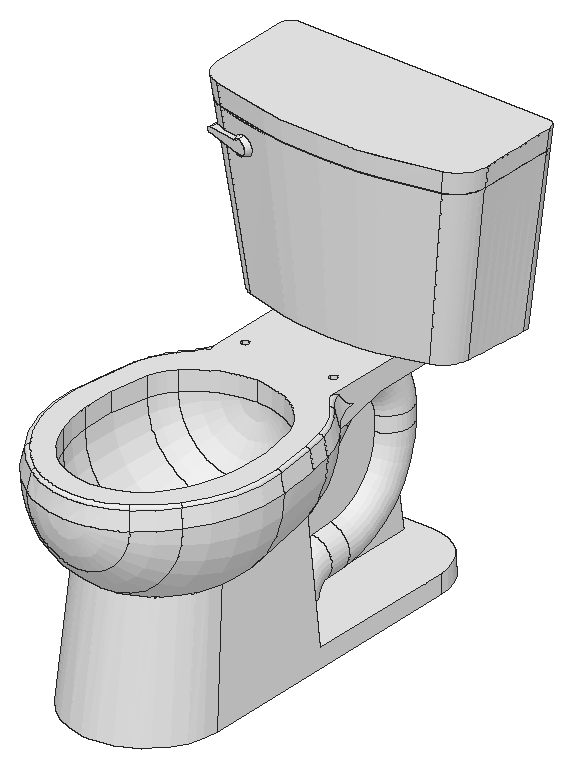
Revit family "Toilet-Floor_Mount-Sloan-WETS-8009_Series", category Plumbing Fixtures, Revit 2014
Parameters (values of type "WETS-8009.8010")
  Width = 18 1/8"
  Waste Connection Radius = 1 1/16"
  Waste Connection Diameter = Waste Connection Radius * 2  # 2 1/8"
  Waste Connection = yes
  WFU = 10
  Vent Connection = no
  URL = "https://www.sloan.com"
  Spud Location = "Top Spud"
  Right Handle = no
  Product Page URL = ""
  Price = "Prices may vary. Please consult Manufacturer Representative for most up-to-date price list."  # constant formula
  Mounting = "Floor Mount"
  Model = "WETS-8009.8010"
  Material = "Vitreous China-Sloan-White"
  Manufacturer = "Sloan"
  Length = 30 3/8"
  Left Handle = yes
  Height = 28 1/8"
  HWFU = 0
  HW Connection = no
  Glaze = "Conventional"
  Flush Volume(s)/Flow Rate(s) = "1.28 gpf/4.8 Lpf"
  Fixture Color = "White"
  Description = "Standard floor mounted elongated pressure assist toilet"  # constant formula
  Default Elevation = 0"
  Creation Date = "4/27/2018"  # constant formula
  Cold Water Connection Radius = 1/4"
  Cold Water Connection Diameter = Cold Water Connection Radius * 2  # 1/2"
  CWFU = 10
  CW Connection = yes
  Assembly Code = "D2010110"
  ADA Compliant = no
Types (12): name | Right Handle | Model | Left Handle | Glaze | Flush Volume(s)/Flow Rate(s)
  WETS-8009.8016 | no | "WETS-8009.8016" | yes | "Conventional" | "1.0 gpf/3.8 Lpf"
  WETS-8009.8010 | no | "WETS-8009.8010" | yes | "Conventional" | "1.28 gpf/4.8 Lpf"
  WETS-8009.8013 | no | "WETS-8009.8013" | yes | "Conventional" | "1.6 gpf/6.0 Lpf"
  WETS-8009.8116 | yes | "WETS-8009.8116" | no | "Conventional" | "1.0 gpf/3.8 Lpf"
  WETS-8009.8110 | yes | "WETS-8009.8110" | no | "Conventional" | "1.28 gpf/4.8 Lpf"
  WETS-8009.8113 | yes | "WETS-8009.8113" | no | "Conventional" | "1.6 gpf/6.0 Lpf"
  WETS-8009.8010-STG | no | "WETS-8009.8010-STG" | yes | "SloanTec" | "1.28 gpf/4.8 Lpf"
  WETS-8009.8013-STG | no | "WETS-8009.8013" | yes | "SloanTec" | "1.6 gpf/6.0 Lpf"
  WETS-8009.8016-STG | no | "WETS-8009.8016-STG" | yes | "SloanTec" | "1.0 gpf/3.8 Lpf"
  WETS-8009.8113-STG | yes | "WETS-8009.8113-STG" | no | "SloanTec" | "1.6 gpf/6.0 Lpf"
  WETS-8009.8116-STG | yes | "WETS-8009.8116-STG" | no | "SloanTec" | "1.0 gpf/3.8 Lpf"
  WETS-8009.8110-STG | yes | "WETS-8009.8110-STG" | no | "SloanTec" | "1.28 gpf/4.8 Lpf"
Reference planes
  plane 1 "Center (Front/Back)": y = 0
  plane 2: z = 0
  plane 3 "Center (Left/Right)": x = 0
  plane 4: x = -201.612
  plane 5: x = 201.613
  plane 6: z = 714.375
  plane 7: z = 254
  plane 8: y = -19.05
  plane 9: y = -790.575
  plane 10: z = 393.7
  plane 11: y = -307.975
  plane 12: y = -304.8
  plane 13: y = -739.775
  plane 14: x = -231.775
  plane 15: x = 231.775
  plane 16: x = -187.325
  plane 17: x = 187.325
  plane 18: y = -762.786
  plane 19: y = -247.65
  plane 20: x = -104.339
  plane 21: x = 104.339
  plane 22: x = -76.2
  plane 23: x = 76.2
Forms (mm)
  Blend 1, solid, material "Vitreous China-Sloan-White"
    base sketch origin (0, 0, 0) x (1, 0, 0) y (0, 1, 0)
      loop
        arc (-34.925, -45.045) -> (-97.787, -71.084) -> (-123.825, -133.945) r 88.9
        line (-123.825, -133.945) -> (-123.825, -615.95)
        arc (-123.825, -615.95) -> (0, -739.775) -> (123.825, -615.95) r 123.825
        line (123.825, -615.95) -> (123.825, -133.945)
        arc (123.825, -133.945) -> (97.787, -71.084) -> (34.925, -45.045) r 88.9
        line (34.925, -45.045) -> (-34.925, -45.045)
    top sketch origin (0, 0, 0) x (1, 0, 0) y (0, 1, 0)
      loop
        arc (-109.537, -584.301) -> (0, -693.838) -> (109.537, -584.301) r 109.537
        line (109.537, -584.301) -> (109.537, -133.945)
        arc (109.537, -133.945) -> (83.499, -71.084) -> (20.637, -45.045) r 88.9
        line (20.637, -45.045) -> (-20.637, -45.045)
        arc (-20.637, -45.045) -> (-83.499, -71.084) -> (-109.537, -133.945) r 88.9
        line (-109.537, -133.945) -> (-109.537, -584.301)
    from 0 to 312.058
  Extrusion 2, solid, material "Vitreous China-Sloan-White", visible <- "Left Handle"
    sketch origin (0, 0, -25.4) x (0, 1, 0) y (0, 0, 1)
      loop
        line (-369.05, 348.14) -> (-241.882, 379.846) -> (-70.211, 379.846) -> (-64.931, 440.2) -> (-185.947, 440.2)
        arc (-185.947, 440.2) -> (-192.127, 425.28) -> (-207.047, 419.1) r 21.1
        line (-207.047, 419.1) -> (-369.05, 419.1) -> (-369.05, 348.14)
    from -104.047 to 104.047
  Sweep 3, solid, material "Vitreous China-Sloan-White", visible <- "Left Handle"
    path origin (0, 0, 0) x (0, 1, 0) y (0, 0, 1)
      loop
        line (-304.8, -7.584) -> (-304.8, 30.289)
        arc (-304.8, 30.289) -> (-293.174, 59.429) -> (-264.682, 72.564) r 42.333
        line (-264.682, 72.564) -> (-226.487, 74.566)
        arc (-226.487, 74.566) -> (-134.627, 116.914) -> (-97.145, 210.864) r 136.485
        line (-97.145, 210.864) -> (-97.145, 236.948)
        arc (-97.145, 236.948) -> (-144.28, 307.387) -> (-227.373, 290.682) r 76.2
        arc (-227.373, 290.682) -> (-233.15, 284.615) -> (-238.657, 278.301) r 192.236
        arc (-238.657, 278.301) -> (-334.604, 206.706) -> (-452.54, 186.145) r 257.901
    profile origin (0, -304.8, 11.352) x (0, -1, 0) y (1, 0, 0)
      loop
        circle (0, 0) r 38.1
  Extrusion 4, solid, material "Vitreous China-Sloan-White"
    sketch origin (22.443, 0, 0) x (0, 1, 0) y (0, 0, 1)
      loop
        line (-68.2, 389.4) -> (-235.377, 389.4) -> (-261.569, 382.87) -> (-496.95, 175.082) -> (-484.132, 28.575) -> (-70.397, 28.575)
        arc (-70.397, 28.575) -> (-82.455, 126.803) -> (-68.088, 224.72) r 370.607
        arc (-68.088, 224.72) -> (-59.936, 265.377) -> (-58.507, 306.818) r 254
        arc (-58.507, 306.818) -> (-61.916, 348.278) -> (-68.2, 389.4) r 598.021
    from -28.793 to -16.093
  Extrusion 5, solid, not visible
    sketch origin (0, 0.794, 0) x (1, 0, 0) y (0, 0, 1)
      loop
        circle (-152.4, 254) r 6.35
    from 0 to 0.794
  Blend 6, solid, material "Vitreous China-Sloan-White"
    base sketch origin (0, 0.822, 430.81) x (1, 0, 0) y (0, 1, 0)
      loop
        line (-196.16, -48.519) -> (-186.739, -156.202)
        arc (-186.739, -156.202) -> (-176.518, -182.59) -> (-153.766, -199.416) r 50.8
        arc (-153.766, -199.416) -> (0, -226.96) -> (153.766, -199.416) r 442.975
        arc (153.766, -199.416) -> (176.518, -182.59) -> (186.739, -156.202) r 50.8
        line (186.739, -156.202) -> (196.16, -48.519)
        arc (196.16, -48.519) -> (191.227, -33.989) -> (177.182, -27.809) r 19.05
        line (177.182, -27.809) -> (-177.182, -27.809)
        arc (-177.182, -27.809) -> (-191.227, -33.989) -> (-196.16, -48.519) r 19.05
    top sketch origin (0, 0.822, 430.81) x (1, 0, 0) y (0, 1, 0)
      loop
        arc (-212.725, -19.872) -> (-226.195, -25.451) -> (-231.775, -38.922) r 19.05
        line (-231.775, -38.922) -> (-231.775, -172.47)
        arc (-231.775, -172.47) -> (-221.507, -203.094) -> (-194.854, -221.338) r 50.8
        arc (-194.854, -221.338) -> (0, -248.472) -> (194.854, -221.338) r 713.209
        arc (194.854, -221.338) -> (221.507, -203.094) -> (231.775, -172.47) r 50.8
        line (231.775, -172.47) -> (231.775, -38.922)
        arc (231.775, -38.922) -> (226.195, -25.451) -> (212.725, -19.872) r 19.05
        line (212.725, -19.872) -> (-212.725, -19.872)
    from -37.11 to 283.565
  Extrusion 7, solid, material "Vitreous China-Sloan-White", visible <- "Left Handle"
    sketch origin (-20.292, -269.587, 900.595) x (-0.97881, 0.203994, 0.017847) y (0, 0.087156, -0.996195)
      loop
        line (127, 257.261) -> (188.747, 261.579)
        arc (188.747, 261.579) -> (192.467, 265.466) -> (188.955, 269.542) r 4.001
        line (188.955, 269.542) -> (127, 277.149) -> (127, 257.261)
    from 0 to 12.7
  Revolve 8, solid, material "Vitreous China-Sloan-White", visible <- "Left Handle"
    sketch origin (-369.854, -1316.287, 809.02) x (-0.204773, -0.975085, -0.085309) y (0, 0.087156, -0.996195)
      loop
        line (-1100.014, 265.639) -> (-1087.314, 265.639) -> (-1087.314, 277.803) -> (-1087.756, 278.482) -> (-1100.014, 282.465) -> (-1100.014, 265.639)
      axis (-1100.014, 265.639) -> (-1087.314, 265.639)
    angle from 0 to 360
  Revolve 9, solid, material "Vitreous China-Sloan-White", visible <- "Left Handle"
    sketch origin (0, -107.509, 360.362) x (1, 0, 0) y (0, 1, 0)
      loop
        line (0, -683.066) -> (0, -633.619)
        arc (0, -633.619) -> (-54.455, -620.155) -> (-96.361, -582.866) r 116.854
        arc (-96.361, -582.866) -> (-108.844, -562.27) -> (-118.928, -540.399) r 213.603
        arc (-118.928, -540.399) -> (-129.044, -507.813) -> (-134.203, -474.085) r 228.843
        arc (-134.203, -474.085) -> (-133.643, -413.542) -> (-122.68, -353.997) r 350.763
        arc (-122.68, -353.997) -> (-114.097, -332.991) -> (-100.788, -314.61) r 95.25
        arc (-100.788, -314.61) -> (-55.004, -282.028) -> (0, -270.524) r 137.251
        line (0, -270.524) -> (0, -209.239)
        arc (0, -209.239) -> (-18.194, -209.694) -> (-36.342, -211.057) r 364.157
        arc (-36.342, -211.057) -> (-122.715, -249.087) -> (-170.133, -330.684) r 152.4
        arc (-170.133, -330.684) -> (-180.229, -386.679) -> (-186.583, -443.221) r 855.912
        arc (-186.583, -443.221) -> (-178.018, -528.288) -> (-140.189, -604.962) r 240.102
        arc (-140.189, -604.962) -> (-116.352, -632.223) -> (-88.426, -655.277) r 223.457
        arc (-88.426, -655.277) -> (-46.345, -675.956) -> (0, -683.066) r 154.581
      axis (0, -209.239) -> (0, -683.066)
    angle from 0 to 180
  Extrusion 10, solid, material "Vitreous China-Sloan-White"
    sketch origin (0, -122.297, -1.685) x (1, 0, 0) y (0, 0, 1)
      loop
        arc (57.698, 221.011) -> (0.981, 212.195) -> (-56.307, 215.748) r 266.082
        line (-56.307, 215.748) -> (-39.243, 151.174)
        arc (-39.243, 151.174) -> (0, 120.954) -> (39.243, 151.174) r 40.59
        line (39.243, 151.174) -> (57.698, 221.011)
    from 346.299 to 429.496
  Blend 11, solid, material "Vitreous China-Sloan-White"
    base sketch origin (0, -108.545, 375.1) x (1, 0, 0) y (0, 0, 1)
      loop
        line (25.325, -14.42) -> (-25.325, -14.42) -> (-25.325, -20.654)
        arc (-25.325, -20.654) -> (0, -45.979) -> (25.325, -20.654) r 25.325
        line (25.325, -20.654) -> (25.325, -14.42)
    top sketch origin (0, -108.545, 375.1) x (1, 0, 0) y (0, 0, 1)
      loop
        line (46.038, -14.42) -> (-46.037, -14.42) -> (-46.037, -23.887)
        arc (-46.037, -23.887) -> (0, -69.925) -> (46.038, -23.887) r 46.037
        line (46.038, -23.887) -> (46.038, -14.42)
    from 129.035 to 108.105
  Blend 12, solid, material "Vitreous China-Sloan-White"
    base sketch origin (0, -108.545, 375.1) x (1, 0, 0) y (0, 0, 1)
      loop
        line (46.038, -14.42) -> (-46.037, -14.42) -> (-46.037, -23.887)
        arc (-46.037, -23.887) -> (0, -69.925) -> (46.038, -23.887) r 46.037
        line (46.038, -23.887) -> (46.038, -14.42)
    top sketch origin (0, -108.545, 375.1) x (1, 0, 0) y (0, 0, 1)
      loop
        line (46.038, -14.42) -> (-46.037, -14.42) -> (-46.037, -43.731)
        arc (-46.037, -43.731) -> (0, -89.769) -> (46.038, -43.731) r 46.038
        line (46.038, -43.731) -> (46.038, -14.42)
    from 108.105 to 38.1
  Sweep 13, solid, material "Vitreous China-Sloan-White"
    path origin (0, -122.297, 0) x (0, 1, 0) y (0, 0, 1)
      loop
        arc (-352.549, 201.173) -> (-327.484, 201.16) -> (-302.744, 205.182) r 155.194
        arc (-302.744, 205.182) -> (-278.132, 217.142) -> (-260.549, 238.11) r 65.532
        arc (-260.549, 238.11) -> (-246.125, 268.805) -> (-234.718, 300.744) r 352.298
        arc (-234.718, 300.744) -> (-234.446, 301.431) -> (-234.066, 302.064) r 4.499
        arc (-234.066, 302.064) -> (-210.936, 321.963) -> (-181.277, 329.121) r 65.024
        line (-181.277, 329.121) -> (-115.283, 329.121)
    profile origin (0, -270.577, 329.121) x (0, 0, 1) y (1, 0, 0)
      loop
        line (25.325, -25.325) -> (25.325, 25.325)
        arc (25.325, 25.325) -> (0, 0) -> (25.325, -25.325) r 25.325
  Sweep 14, solid, material "Vitreous China-Sloan-White", visible <- "Left Handle"
    path origin (0, 0, 0) x (1, 0, 0) y (0, 1, 0)
      loop
        line (-104.047, -185.947) -> (-104.047, -295.646)
        arc (-104.047, -295.646) -> (-111.251, -333.222) -> (-131.841, -365.47) r 101.6
        arc (-131.841, -365.47) -> (-155.982, -399.201) -> (-170.133, -438.192) r 152.4
        arc (-170.133, -438.192) -> (-174.125, -457.895) -> (-177.652, -477.686) r 855.912
        arc (-177.652, -477.686) -> (-182.903, -514.112) -> (-186.583, -550.729) r 855.912
        arc (-186.583, -550.729) -> (-178.018, -635.797) -> (-140.189, -712.47) r 240.102
        arc (-140.189, -712.47) -> (-116.352, -739.732) -> (-88.426, -762.786) r 223.457
        arc (-88.426, -762.786) -> (0, -790.575) -> (88.426, -762.786) r 154.581
        arc (88.426, -762.786) -> (116.352, -739.732) -> (140.189, -712.47) r 223.457
        arc (140.189, -712.47) -> (178.018, -635.797) -> (186.583, -550.729) r 240.102
        arc (186.583, -550.729) -> (182.903, -514.112) -> (177.652, -477.686) r 855.912
        arc (177.652, -477.686) -> (174.125, -457.895) -> (170.133, -438.192) r 855.912
        arc (170.133, -438.192) -> (155.982, -399.201) -> (131.841, -365.47) r 152.4
        arc (131.841, -365.47) -> (111.251, -333.222) -> (104.047, -295.646) r 101.6
        line (104.047, -295.646) -> (104.047, -185.947)
    profile origin (0, -790.575, 0) x (0, 1, 0) y (0, 0, 1)
      loop
        line (0, 360.362) -> (18.191, 360.362) -> (18.191, 393.7) -> (12.748, 393.7)
        arc (12.748, 393.7) -> (8.795, 392.32) -> (6.56, 388.778) r 6.35
        line (6.56, 388.778) -> (0, 360.362)
  Extrusion 15, void
    sketch origin (0, 0, 0) x (1, 0, 0) y (0, 1, 0)
      loop
        arc (118.928, -647.907) -> (129.044, -615.321) -> (134.203, -581.593) r 228.843
        arc (134.203, -581.593) -> (135.243, -552.98) -> (133.946, -524.377) r 350.763
        arc (133.946, -524.377) -> (129.747, -492.684) -> (122.68, -461.506) r 350.763
        arc (122.68, -461.506) -> (114.097, -440.499) -> (100.788, -422.119) r 95.25
        arc (100.788, -422.119) -> (55.004, -389.536) -> (0, -378.032) r 137.251
        arc (0, -378.032) -> (-55.004, -389.536) -> (-100.788, -422.119) r 137.251
        arc (-100.788, -422.119) -> (-114.097, -440.499) -> (-122.68, -461.506) r 95.25
        arc (-122.68, -461.506) -> (-129.747, -492.684) -> (-133.946, -524.377) r 350.763
        arc (-133.946, -524.377) -> (-135.243, -552.98) -> (-134.203, -581.593) r 350.763
        arc (-134.203, -581.593) -> (-129.044, -615.321) -> (-118.928, -647.907) r 228.843
        arc (-118.928, -647.907) -> (-108.844, -669.778) -> (-96.361, -690.375) r 213.603
        arc (-96.361, -690.375) -> (-54.455, -727.664) -> (0, -741.127) r 116.854
        arc (0, -741.127) -> (54.455, -727.664) -> (96.361, -690.375) r 116.854
        arc (96.361, -690.375) -> (108.844, -669.778) -> (118.928, -647.907) r 213.603
    from 360.362 to 393.7
  Extrusion 16, solid, material "Vitreous China-Sloan-White", visible <- "Left Handle"
    sketch origin (0, 0, 0) x (1, 0, 0) y (0, 1, 0)
      loop
        arc (-168.448, -552.159) -> (-160.532, -630.781) -> (-125.569, -701.646) r 221.912
        arc (-125.569, -701.646) -> (-103.673, -726.688) -> (-78.02, -747.865) r 205.266
        arc (-78.02, -747.865) -> (0, -772.384) -> (78.02, -747.865) r 136.39
        arc (78.02, -747.865) -> (103.673, -726.688) -> (125.569, -701.646) r 205.266
        arc (125.569, -701.646) -> (160.532, -630.781) -> (168.448, -552.159) r 221.912
        arc (168.448, -552.159) -> (164.847, -516.319) -> (159.708, -480.668) r 837.721
        arc (159.708, -480.668) -> (156.255, -461.297) -> (152.348, -442.013) r 837.721
        arc (152.348, -442.013) -> (139.886, -407.676) -> (118.627, -377.971) r 134.209
        arc (118.627, -377.971) -> (110.867, -368.903) -> (104.047, -359.107) r 119.791
        line (104.047, -359.107) -> (104.047, -369.05) -> (-104.047, -369.05) -> (-104.047, -359.107)
        arc (-104.047, -359.107) -> (-110.867, -368.903) -> (-118.627, -377.971) r 119.791
        arc (-118.627, -377.971) -> (-139.886, -407.676) -> (-152.348, -442.013) r 134.209
        arc (-152.348, -442.013) -> (-156.255, -461.297) -> (-159.708, -480.668) r 837.721
        arc (-159.708, -480.668) -> (-164.847, -516.319) -> (-168.448, -552.159) r 837.721
    from 360.362 to 393.7
  Extrusion 17, void
    sketch origin (0, 0, 0) x (0, 1, 0) y (0, 0, 1)
      loop
        line (-419.1, 368.114) -> (-395.566, 31.564) -> (-10.202, 31.564) -> (-10.202, 368.114) -> (-419.1, 368.114)
    from -219.74 to 304.8
  Revolve 18, void
    sketch origin (0, -107.509, 360.362) x (1, 0, 0) y (0, 1, 0)
      loop
        line (0, -639.969) -> (0, -264.174)
        arc (0, -264.174) -> (-57.549, -276.21) -> (-105.451, -310.3) r 143.601
        arc (-105.451, -310.3) -> (-119.647, -329.906) -> (-128.802, -352.313) r 101.6
        arc (-128.802, -352.313) -> (-139.964, -412.935) -> (-140.534, -474.574) r 357.113
        arc (-140.534, -474.574) -> (-135.232, -509.238) -> (-124.835, -542.728) r 235.193
        arc (-124.835, -542.728) -> (-114.451, -565.249) -> (-101.598, -586.458) r 219.953
        arc (-101.598, -586.458) -> (-57.414, -625.773) -> (0, -639.969) r 123.204
      axis (0, -264.174) -> (0, -639.969)
    angle from 0 to 180
  Extrusion 19, void
    sketch origin (0, 0, 0) x (1, 0, 0) y (0, 1, 0)
      loop
        arc (-212.725, -19.05) -> (-226.195, -24.63) -> (-231.775, -38.1) r 19.05
        line (-231.775, -38.1) -> (-231.775, -171.649)
        arc (-231.775, -171.649) -> (-221.507, -202.272) -> (-194.854, -220.516) r 50.8
        arc (-194.854, -220.516) -> (0, -247.65) -> (194.854, -220.516) r 713.209
        arc (194.854, -220.516) -> (221.507, -202.272) -> (231.775, -171.649) r 50.8
        line (231.775, -171.649) -> (231.775, -38.1)
        arc (231.775, -38.1) -> (226.195, -24.63) -> (212.725, -19.05) r 19.05
        line (212.725, -19.05) -> (-212.725, -19.05)
      loop
        line (-225.425, -38.1) -> (-225.425, -171.649)
        arc (-225.425, -171.649) -> (-216.441, -198.444) -> (-193.119, -214.408) r 44.45
        arc (-193.119, -214.408) -> (0, -241.3) -> (193.119, -214.408) r 706.859
        arc (193.119, -214.408) -> (216.441, -198.444) -> (225.425, -171.649) r 44.45
        line (225.425, -171.649) -> (225.425, -38.1)
        arc (225.425, -38.1) -> (221.705, -29.12) -> (212.725, -25.4) r 12.7
        line (212.725, -25.4) -> (-212.725, -25.4)
        arc (-212.725, -25.4) -> (-221.705, -29.12) -> (-225.425, -38.1) r 12.7
    from 678.093 to 679.681
  Extrusion 20, void
    sketch origin (0, 0, 0) x (1, 0, 0) y (0, 1, 0)
      loop
        circle (-76.2, -307.975) r 6.35
      loop
        circle (76.2, -307.975) r 6.35
    from 341.312 to 499.954
  Extrusion 21, solid, material "Vitreous China-Sloan-White", visible <- "Right Handle"
    sketch origin (20.292, -269.587, 900.595) x (0.97881, 0.203994, 0.017847) y (0, -0.087156, 0.996195)
      loop
        line (127, -257.261) -> (127, -277.149) -> (188.955, -269.542)
        arc (188.955, -269.542) -> (192.467, -265.466) -> (188.747, -261.579) r 4.001
        line (188.747, -261.579) -> (127, -257.261)
    from 0 to 12.7
  Revolve 22, solid, material "Vitreous China-Sloan-White", visible <- "Right Handle"
    sketch origin (369.854, -1316.287, 809.02) x (0.204773, -0.975085, -0.085309) y (0, -0.087156, 0.996195)
      loop
        line (-1100.014, -265.639) -> (-1100.014, -282.465) -> (-1087.756, -278.482) -> (-1087.314, -277.803) -> (-1087.314, -265.639) -> (-1100.014, -265.639)
      axis (-1100.014, -265.639) -> (-1087.314, -265.639)
    angle from 0 to 360
Cuts and joins
  Extrusion 15, Extrusion 19, Extrusion 20 cuts Extrusion 2
  Extrusion 15, Extrusion 19 cuts Sweep 3
  Extrusion 15, Extrusion 19 cuts Extrusion 7
  Extrusion 15, Extrusion 19 cuts Revolve 8
  Extrusion 15, Extrusion 19 cuts Revolve 9
  Extrusion 19 cuts Sweep 14
  Extrusion 15, Extrusion 19 cuts Extrusion 16
  joined: Extrusion 2, Sweep 3, Extrusion 7, Revolve 8, Revolve 9, Sweep 14, Extrusion 16
  Extrusion 15, Extrusion 17, Revolve 18, Extrusion 19, Extrusion 20 cuts Blend 1
  Extrusion 15, Extrusion 19 cuts Extrusion 4
  Extrusion 15 cuts Extrusion 10
  Extrusion 15 cuts Sweep 13
  Extrusion 19 cuts Blend 12
  Extrusion 19 cuts Blend 6
  joined: Extrusion 21, Revolve 22
Lines and regions (mm)
  Masking region 1
    outline origin (0, 0, 0) x (1, 0, 0) y (0, 1, 0)
      loop
        line (212.725, -19.05) -> (-212.725, -19.05)
        arc (-212.725, -19.05) -> (-226.195, -24.63) -> (-231.775, -38.1) r 19.05
        line (-231.775, -38.1) -> (-231.775, -171.649)
        arc (-231.775, -171.649) -> (-221.507, -202.272) -> (-194.854, -220.516) r 50.8
        arc (-194.854, -220.516) -> (-159.548, -229.575) -> (-123.825, -236.819) r 713.209
        line (-123.825, -236.819) -> (-123.825, -355.877)
        arc (-123.825, -355.877) -> (-127.686, -360.797) -> (-131.841, -365.47) r 101.6
        arc (-131.841, -365.47) -> (-155.982, -399.201) -> (-170.133, -438.192) r 152.4
        arc (-170.133, -438.192) -> (-174.125, -457.895) -> (-177.652, -477.686) r 855.912
        arc (-177.652, -477.686) -> (-182.903, -514.112) -> (-186.583, -550.729) r 855.912
        arc (-186.583, -550.729) -> (-178.018, -635.797) -> (-140.189, -712.47) r 240.102
        arc (-140.189, -712.47) -> (-116.352, -739.732) -> (-88.426, -762.786) r 223.457
        arc (-88.426, -762.786) -> (0, -790.575) -> (88.426, -762.786) r 154.581
        arc (88.426, -762.786) -> (116.352, -739.732) -> (140.189, -712.47) r 223.457
        arc (140.189, -712.47) -> (178.018, -635.797) -> (186.583, -550.729) r 240.102
        arc (186.583, -550.729) -> (182.903, -514.112) -> (177.652, -477.686) r 855.912
        arc (177.652, -477.686) -> (174.125, -457.895) -> (170.133, -438.192) r 855.912
        arc (170.133, -438.192) -> (155.982, -399.201) -> (131.841, -365.47) r 152.4
        arc (131.841, -365.47) -> (127.686, -360.797) -> (123.825, -355.877) r 101.6
        line (123.825, -355.877) -> (123.825, -236.819)
        arc (123.825, -236.819) -> (159.548, -229.575) -> (194.854, -220.516) r 713.209
        arc (194.854, -220.516) -> (221.507, -202.272) -> (231.775, -171.649) r 50.8
        line (231.775, -171.649) -> (231.775, -38.1)
        arc (231.775, -38.1) -> (226.195, -24.63) -> (212.725, -19.05) r 19.05
  symbolic lines, detail levels medium+fine
    curve 1: arc (-123.825, -236.819, 0) -> (0, -247.65, 0) -> (123.825, -236.819, 0) r 713.209
    curve 2: arc (-100.788, -422.119, 0) -> (-55.004, -389.536, 0) -> (0, -378.032, 0) r 137.251
    curve 3: arc (0, -378.032, 0) -> (55.004, -389.536, 0) -> (100.788, -422.119, 0) r 137.251
    curve 4: arc (100.788, -422.119, 0) -> (114.097, -440.499, 0) -> (122.68, -461.506, 0) r 95.25
    curve 5: arc (122.68, -461.506, 0) -> (129.747, -492.684, 0) -> (133.946, -524.377, 0) r 350.763
    curve 6: arc (133.946, -524.377, 0) -> (135.243, -552.98, 0) -> (134.203, -581.593, 0) r 350.763
    curve 7: arc (134.203, -581.593, 0) -> (129.044, -615.321, 0) -> (118.928, -647.907, 0) r 228.843
    curve 8: arc (118.928, -647.907, 0) -> (108.844, -669.778, 0) -> (96.361, -690.375, 0) r 213.603
    curve 9: arc (96.361, -690.375, 0) -> (54.455, -727.664, 0) -> (0, -741.127, 0) r 116.854
    curve 10: arc (0, -741.127, 0) -> (-54.455, -727.664, 0) -> (-96.361, -690.375, 0) r 116.854
    curve 11: arc (-96.361, -690.375, 0) -> (-108.844, -669.778, 0) -> (-118.928, -647.907, 0) r 213.603
    curve 12: arc (-118.928, -647.907, 0) -> (-129.044, -615.321, 0) -> (-134.203, -581.593, 0) r 228.843
    curve 13: arc (-134.203, -581.593, 0) -> (-135.243, -552.98, 0) -> (-133.946, -524.377, 0) r 350.763
    curve 14: arc (-133.946, -524.377, 0) -> (-129.747, -492.684, 0) -> (-122.68, -461.506, 0) r 350.763
    curve 15: arc (-122.68, -461.506, 0) -> (-114.097, -440.499, 0) -> (-100.788, -422.119, 0) r 95.25
  symbolic lines, detail levels fine
    curve 16: circle (-76.2, -307.975, 0) r 6.35 normal (0, 0, 1)
    curve 17: circle (76.2, -307.975, 0) r 6.35 normal (0, 0, 1)
Dimensions and locks
  "Height": plane 6 to level
  locked: plane 7 to level at 254
  plane 1 "Center (Front/Back)" to plane 8 = 3/4"
  plane 10 to plane 2 = 15 1/2"
  plane 11 to plane 9 = 19"
  plane 1 "Center (Front/Back)" to plane 12 = 12"
  plane 12 to plane 13 = 17 1/8"
  plane 9 to plane 8 to plane 1 "Center (Front/Back)" = 30 3/8", 3/4"
  plane 15 to plane 14 = 18 1/4"
  plane 17 to plane 16 = 14 3/4"
  Extrusion 17 to level = 14.49266"
  plane 8 to plane 19 = 9"
  plane 9 to plane 11 = 19"
  plane 22 to plane 23 = 6"
  "Height": plane 6 to plane 2
  aligned and locked: plane 7 to Extrusion 5 sketch curve
Automatic sketch dimensions
  Blend 1 sketch curve to plane 3 "Center (Left/Right)" = 0"  (x2)
  Blend 1 sketch curve to plane 3 "Center (Left/Right)" = 1 3/8"
  Blend 1 sketch curve to plane 20 = 0.76716"
  plane 3 "Center (Left/Right)" to Blend 1 sketch curve = 1 3/8"
  Blend 1 sketch curve to plane 13 = 4 7/8"
  Blend 1 sketch curve to plane 19 = 4 61/128"  (x2)
  Blend 1 sketch curve to plane 3 "Center (Left/Right)" = 13/16"
  Blend 1 sketch curve to plane 20 = 0.20466"
  plane 3 "Center (Left/Right)" to Blend 1 sketch curve = 13/16"
  Blend 1 sketch curve to plane 13 = 6.12103"
  Extrusion 2 sketch curve to plane 10 = 0"
  plane 11 to Extrusion 2 sketch curve = 2.40453"
  Extrusion 2 sketch curve to plane 19 = 0.22708"
  Extrusion 2 sketch curve to plane 19 = 1.59853"
  plane 10 to Extrusion 2 sketch curve = 0.83072"
  plane 8 to Extrusion 2 sketch curve = 2.01421"
  plane 8 to Extrusion 2 sketch curve = 1.80632"
  Extrusion 2 sketch curve to plane 10 = 1.54541"
  Extrusion 2 sketch curve to plane 7 = 2.7063"
  Sweep 3 sketch curve to plane 12 = 0"
  plane 10 to Sweep 3 sketch curve = 1.96286"
  plane 11 to Sweep 3 sketch curve = 5.06618"
  plane 19 to Sweep 3 sketch curve = 0.67056"
  plane 19 to Sweep 3 sketch curve = 0.58333"
  Sweep 3 sketch curve to plane 19 = 0.55198"
  Sweep 3 sketch curve to plane 19 = 0.8332"
  plane 7 to Sweep 3 sketch curve = 0.67135"
  Sweep 3 sketch curve to Sweep 3 sketch curve = 2.37343"
  Sweep 3 sketch curve to Sweep 3 sketch curve = 3"
  Sweep 3 sketch curve to Sweep 3 sketch curve = 0.23912"
  Sweep 3 sketch curve to Sweep 3 sketch curve = 1.02691"
  Sweep 3 sketch curve to Sweep 3 sketch curve = 2.19457"
  Sweep 3 sketch curve to Sweep 3 sketch curve = 0.07881"
  plane 7 to Sweep 3 sketch curve = 2.67144"
  plane 11 to Sweep 3 sketch curve = 5.69153"
  Sweep 3 sketch curve to Sweep 3 sketch curve = 0"
  Sweep 3 sketch curve to level = 0.29859"
  Sweep 3 sketch curve to plane 3 "Center (Left/Right)" = 0"
  Sweep 3 sketch curve to profile plane = 0"
  Extrusion 4 sketch curve to plane 7 = 0.9672"
  Extrusion 4 sketch curve to plane 13 = 3.30371"
  plane 7 to Extrusion 4 sketch curve = 3.107"
  Extrusion 4 sketch curve to Extrusion 4 sketch curve = 6.25633"
  level to Extrusion 4 sketch curve = 1 1/8"
  Extrusion 4 sketch curve to Extrusion 4 sketch curve = 0.50463"
  plane 11 to Extrusion 4 sketch curve = 0.16726"
  Extrusion 4 sketch curve to plane 12 = 1.70202"
  Extrusion 4 sketch curve to plane 10 = 0.16928"
  Extrusion 4 sketch curve to plane 19 = 0.48319"
  plane 8 to Extrusion 4 sketch curve = 2.02153"
  plane 8 to Extrusion 4 sketch curve = 1.93503"
  level to Extrusion 4 sketch curve = 4.8205"
  Extrusion 4 sketch curve to plane 1 "Center (Front/Back)" = 11.34356"
  Extrusion 4 sketch curve to plane 7 = 1.60704"
  Extrusion 4 sketch curve to plane 10 = 0.42638"
  Extrusion 4 sketch curve to Extrusion 4 sketch curve = 0"
  plane 16 to Extrusion 5 sketch curve = 1 3/8"
  Revolve 8 sketch curve to Revolve 8 sketch curve = 0.48262"
  Revolve 8 sketch curve to Revolve 8 sketch curve = 1/2"
  Revolve 8 sketch curve to Revolve 8 sketch curve = 0.47889"
  Revolve 8 sketch curve to Revolve 8 sketch curve = 0.02676"
  Revolve 8 sketch curve to Revolve 8 sketch curve = 0.15681"
  Revolve 8 sketch curve to Revolve 8 sketch curve = 0"  (x2)
  Revolve 8 sketch curve to Revolve 8 sketch curve = 0.11261"
  Revolve 9 sketch curve to plane 3 "Center (Left/Right)" = 0"  (x3)
  plane 9 to Revolve 9 sketch curve = 0"
  Revolve 9 sketch curve to plane 3 "Center (Left/Right)" = 213/256"
  Revolve 9 sketch curve to Revolve 9 sketch curve = 0.38226"
  plane 3 "Center (Left/Right)" to Revolve 9 sketch curve = 1.55117"
  Revolve 9 sketch curve to Revolve 9 sketch curve = 0.52667"
  plane 21 to Revolve 9 sketch curve = 0.96684"
  plane 21 to Revolve 9 sketch curve = 0.40868"
  plane 15 to Revolve 9 sketch curve = 0.64012"
  Revolve 9 sketch curve to plane 13 = 4.79501"
  Revolve 9 sketch curve to plane 15 = 17.12237"
  plane 13 to Revolve 9 sketch curve = 0.05324"
  Revolve 9 sketch curve to plane 13 = 2.31773"
  Revolve 9 sketch curve to Revolve 9 sketch curve = 1.76813"
  Revolve 9 sketch curve to Revolve 9 sketch curve = 0.46147"
  Revolve 9 sketch curve to Revolve 9 sketch curve = 1.76271"
  Revolve 9 sketch curve to Revolve 9 sketch curve = 0.38996"
  Revolve 9 sketch curve to Revolve 9 sketch curve = 0.002"
  Revolve 9 sketch curve to Revolve 9 sketch curve = 0.22012"
  Revolve 9 sketch curve to Revolve 9 sketch curve = 0.37"
  Revolve 9 sketch curve to Revolve 9 sketch curve = 2.52823"
  Revolve 9 sketch curve to Revolve 9 sketch curve = 1.12242"
  Revolve 9 sketch curve to Revolve 9 sketch curve = 0.65231"
  plane 11 to Revolve 9 sketch curve = 2.75817"
  plane 11 to Revolve 9 sketch curve = 0.34538"
  Revolve 9 sketch curve to Revolve 9 sketch curve = 0"  (x8)
  plane 11 to Revolve 9 sketch curve = 0.16149"
  Revolve 9 sketch curve to plane 12 = 0.21351"
  Extrusion 10 sketch curve to plane 3 "Center (Left/Right)" = 0"
  Extrusion 10 sketch curve to plane 3 "Center (Left/Right)" = 0.44447"
  Extrusion 10 sketch curve to plane 3 "Center (Left/Right)" = 1.545"
  plane 20 to Extrusion 10 sketch curve = 1.89103"
  plane 3 "Center (Left/Right)" to Extrusion 10 sketch curve = 1.545"
  plane 21 to Extrusion 10 sketch curve = 1.83627"
  plane 7 to Extrusion 10 sketch curve = 4.11461"
  Extrusion 10 sketch curve to Extrusion 10 sketch curve = 0.40828"
  plane 7 to Extrusion 10 sketch curve = 1.57234"
  Extrusion 10 sketch curve to Extrusion 10 sketch curve = 2.74948"
  Blend 11 sketch curve to plane 3 "Center (Left/Right)" = 0"  (x2)
  Blend 11 sketch curve to plane 3 "Center (Left/Right)" = 0.99706"
  Blend 11 sketch curve to plane 10 = 1.54541"
  Blend 11 sketch curve to Blend 11 sketch curve = 0.24541"
  Blend 11 sketch curve to plane 3 "Center (Left/Right)" = 1 13/16"
  Blend 11 sketch curve to plane 10 = 1.67271"
  Blend 11 sketch curve to Blend 11 sketch curve = 0.37271"
  Blend 12 sketch curve to plane 3 "Center (Left/Right)" = 0"  (x2)
  Blend 12 sketch curve to plane 3 "Center (Left/Right)" = 1 13/16"  (x2)
  Blend 12 sketch curve to plane 10 = 1.67271"
  Blend 12 sketch curve to Blend 12 sketch curve = 0.37271"
  Blend 12 sketch curve to plane 10 = 2.45396"
  Blend 12 sketch curve to Blend 12 sketch curve = 1.15396"
  plane 10 to Sweep 13 sketch curve = 0.37098"
  Sweep 13 sketch curve to plane 13 = 1.79785"
  Sweep 13 sketch curve to plane 10 = 1.49"
  plane 11 to Sweep 13 sketch curve = 6.07313"
  Sweep 13 sketch curve to plane 7 = 0.58286"
  Sweep 13 sketch curve to Sweep 13 sketch curve = 0.84594"
  plane 11 to Sweep 13 sketch curve = 1.76123"
  Sweep 13 sketch curve to plane 12 = 0.04826"
  Sweep 13 sketch curve to plane 7 = 0.39753"
  Sweep 13 sketch curve to plane 7 = 1.78883"
  Sweep 13 sketch curve to Sweep 13 sketch curve = 1.1687"
  Sweep 13 sketch curve to Sweep 13 sketch curve = 1.34254"
  plane 7 to Sweep 13 sketch curve = 1.92196"
  Sweep 13 sketch curve to Sweep 13 sketch curve = 0"  (x3)
  Sweep 13 sketch curve to plane 19 = 0.39646"
  Sweep 13 sketch curve to profile plane = 0"
  Sweep 13 sketch curve to profile plane = 0.99706"  (x2)
  Sweep 14 sketch curve to Sweep 14 sketch curve = 0"  (x11)
  Sweep 14 sketch curve to plane 18 = 0"  (x4)
  Sweep 14 sketch curve to plane 3 "Center (Left/Right)" = 0"
  Sweep 14 sketch curve to plane 3 "Center (Left/Right)" = 213/256"
  Sweep 14 sketch curve to plane 3 "Center (Left/Right)" = 1.55117"
  Sweep 14 sketch curve to Sweep 14 sketch curve = 0.52667"  (x2)
  plane 20 to Sweep 14 sketch curve = 0.01151"
  Sweep 14 sketch curve to plane 12 = 0.36038"  (x2)
  Sweep 14 sketch curve to plane 16 = 0.72134"
  Sweep 14 sketch curve to plane 13 = 4.79501"  (x2)
  Sweep 14 sketch curve to plane 14 = 17.12237"
  plane 3 "Center (Left/Right)" to Sweep 14 sketch curve = 213/256"
  plane 3 "Center (Left/Right)" to Sweep 14 sketch curve = 1.55117"
  plane 21 to Sweep 14 sketch curve = 0.01151"
  Sweep 14 sketch curve to plane 17 = 0.72134"
  Sweep 14 sketch curve to plane 15 = 17.12237"
  Sweep 14 sketch curve to plane 13 = 4.08586"
  Sweep 14 sketch curve to Sweep 14 sketch curve = 2.22418"
  Sweep 14 sketch curve to Sweep 14 sketch curve = 0.38996"  (x2)
  Sweep 14 sketch curve to Sweep 14 sketch curve = 3.913"
  plane 16 to Sweep 14 sketch curve = 0.38081"
  plane 17 to Sweep 14 sketch curve = 0.38081"
  Sweep 14 sketch curve to plane 19 = 2.42925"  (x2)
  Sweep 14 sketch curve to profile plane = 0"
  Sweep 14 sketch curve to profile plane = 0.25828"
  Sweep 14 sketch curve to Sweep 14 sketch curve = 0.24359"
  Sweep 14 sketch curve to profile plane = 0.71616"
  level to Sweep 14 sketch curve = 14 3/16"
  Sweep 14 sketch curve to Sweep 14 sketch curve = 1 1/16"
  Sweep 14 sketch curve to Sweep 14 sketch curve = 0.05624"
  Extrusion 15 sketch curve to Extrusion 15 sketch curve = 0"  (x16)
  Extrusion 15 sketch curve to plane 3 "Center (Left/Right)" = 0"  (x2)
  Extrusion 15 sketch curve to plane 3 "Center (Left/Right)" = 1.21427"
  plane 20 to Extrusion 15 sketch curve = 0.96684"
  plane 20 to Extrusion 15 sketch curve = 0.40868"
  plane 14 to Extrusion 15 sketch curve = 0.64012"
  plane 3 "Center (Left/Right)" to Extrusion 15 sketch curve = 1.21427"
  plane 21 to Extrusion 15 sketch curve = 0.96684"
  plane 21 to Extrusion 15 sketch curve = 0.40868"
  plane 15 to Extrusion 15 sketch curve = 0.64012"
  Extrusion 15 sketch curve to plane 13 = 4.54732"
  Extrusion 15 sketch curve to Extrusion 15 sketch curve = 2.15467"  (x2)
  Extrusion 15 sketch curve to Extrusion 15 sketch curve = 0.22012"  (x2)
  Extrusion 15 sketch curve to Extrusion 15 sketch curve = 0.37"  (x2)
  Extrusion 15 sketch curve to Extrusion 15 sketch curve = 2.13627"
  Extrusion 15 sketch curve to Extrusion 15 sketch curve = 1.12242"  (x2)
  plane 20 to Extrusion 15 sketch curve = 0.3141"
  plane 20 to Extrusion 15 sketch curve = 0.13982"
  Extrusion 15 sketch curve to plane 20 = 1.16563"
  Extrusion 15 sketch curve to plane 21 = 1.16563"
  Extrusion 16 sketch curve to Extrusion 16 sketch curve = 0"  (x13)
  Extrusion 16 sketch curve to plane 3 "Center (Left/Right)" = 0"
  Extrusion 16 sketch curve to plane 3 "Center (Left/Right)" = 213/256"
  Extrusion 16 sketch curve to plane 3 "Center (Left/Right)" = 1.55117"
  Extrusion 16 sketch curve to Extrusion 16 sketch curve = 0.52667"  (x2)
  plane 20 to Extrusion 16 sketch curve = 0.01151"
  Extrusion 16 sketch curve to plane 12 = 0.36038"  (x2)
  Extrusion 16 sketch curve to plane 16 = 0.72134"
  Extrusion 16 sketch curve to plane 13 = 4.79501"  (x2)
  Extrusion 16 sketch curve to plane 14 = 17.12237"
  plane 3 "Center (Left/Right)" to Extrusion 16 sketch curve = 213/256"
  plane 3 "Center (Left/Right)" to Extrusion 16 sketch curve = 1.55117"
  plane 21 to Extrusion 16 sketch curve = 0.01151"
  Extrusion 16 sketch curve to plane 17 = 0.72134"
  Extrusion 16 sketch curve to plane 15 = 17.12237"
  Extrusion 16 sketch curve to plane 13 = 4.08586"
  Extrusion 16 sketch curve to Extrusion 16 sketch curve = 2.22418"  (x2)
  Extrusion 16 sketch curve to Extrusion 16 sketch curve = 0.38996"  (x2)
  Extrusion 16 sketch curve to Extrusion 16 sketch curve = 3.913"
  plane 11 to Extrusion 16 sketch curve = 2.40453"
  Extrusion 16 sketch curve to Extrusion 16 sketch curve = 0.39147"  (x2)
  plane 13 to Extrusion 16 sketch curve = 0.31852"
  plane 16 to Extrusion 16 sketch curve = 1.08729"
  plane 17 to Extrusion 16 sketch curve = 1.08729"
  Extrusion 17 sketch curve to plane 10 = 1.00734"
  plane 11 to Extrusion 17 sketch curve = 4 3/8"
  level to Extrusion 17 sketch curve = 1.24266"
  plane 11 to Extrusion 17 sketch curve = 3.44847"
  Extrusion 17 sketch curve to plane 8 = 0.34835"
  plane 11 to Revolve 18 sketch curve = 2.50817"
  plane 11 to Revolve 18 sketch curve = 0.16149"
  Revolve 18 sketch curve to plane 12 = 0.21351"
  plane 11 to Revolve 18 sketch curve = 7.03931"
  plane 15 to Revolve 18 sketch curve = 10.33927"
  Revolve 18 sketch curve to Revolve 18 sketch curve = 1.21427"
  Revolve 18 sketch curve to Revolve 18 sketch curve = 3.141"
  Revolve 18 sketch curve to Revolve 18 sketch curve = 0.55817"
  Revolve 18 sketch curve to Revolve 18 sketch curve = 4.78572"
  Revolve 18 sketch curve to Revolve 18 sketch curve = 1.12242"
  Revolve 18 sketch curve to Revolve 18 sketch curve = 1.54616"
  Revolve 18 sketch curve to Revolve 18 sketch curve = 1.91616"
  Revolve 18 sketch curve to Revolve 18 sketch curve = 0.22012"
  Revolve 18 sketch curve to Revolve 18 sketch curve = 2.15467"
  plane 13 to Revolve 18 sketch curve = 0.30324"
  Revolve 18 sketch curve to Revolve 18 sketch curve = 0"  (x5)
  Extrusion 7 sketch curve to Extrusion 7 sketch curve = 2.41998"
  Extrusion 7 sketch curve to Extrusion 7 sketch curve = 0.01099"
  Extrusion 7 sketch curve to Extrusion 7 sketch curve = 0.0192"
  Extrusion 7 sketch curve to Extrusion 7 sketch curve = 0.16999"
  Extrusion 7 sketch curve to Extrusion 7 sketch curve = 0.15715"
  Extrusion 7 sketch curve to Extrusion 7 sketch curve = 0.78299"
  plane 11 to Extrusion 20 sketch curve = 0"  (x2)
  Extrusion 20 sketch curve to plane 22 = 0"
  Extrusion 20 sketch curve to plane 23 = 0"
  curve 2 to curve 3 = 0"  (x2)
  curve 5 to curve 6 = 0"  (x2)
  curve 9 to curve 10 = 0"  (x2)
  curve 13 to curve 14 = 0"  (x2)
  plane 11 to curve 16 = 0"
  curve 16 to plane 22 = 0"
  curve 3 to plane 3 "Center (Left/Right)" = 0"
  curve 10 to plane 3 "Center (Left/Right)" = 0"
  curve 1 to plane 3 "Center (Left/Right)" = 0"
  plane 11 to curve 17 = 0"
  curve 17 to plane 23 = 0"
  curve 8 to plane 22 = 0.141"
  plane 20 to curve 7 = 0.40868"
  plane 14 to curve 6 = 0.64012"
  curve 15 to plane 3 "Center (Left/Right)" = 1.21427"
  plane 3 "Center (Left/Right)" to curve 4 = 1.21427"
  curve 11 to plane 23 = 0.141"
  plane 21 to curve 12 = 0.40868"
  plane 15 to curve 13 = 0.64012"
  plane 11 to curve 4 = 7.03931"
  curve 15 to curve 4 = 0"
  curve 3 to curve 4 = 1.12242"
  curve 13 to plane 13 = 7.29211"
  curve 5 to plane 13 = 7.29211"
  curve 12 to curve 4 = 3.03858"
  curve 7 to curve 15 = 3.03858"
  curve 11 to curve 12 = 0.22012"
  curve 8 to curve 7 = 0.22012"
  curve 10 to curve 8 = 2.15467"
  curve 1 to plane 1 "Center (Front/Back)" = 18.3291"
  plane 20 to curve 10 = 0.3141"
  curve 11 to curve 10 = 0"
  plane 20 to curve 2 = 0.13982"
  curve 15 to curve 2 = 0"
  curve 12 to curve 11 = 0"
  curve 14 to curve 15 = 0"
  curve 1 to plane 20 = 0.76716"
  curve 14 to plane 20 = 1.16563"
  curve 8 to curve 9 = 0"
  curve 4 to curve 3 = 0"
  curve 7 to curve 8 = 0"
  curve 5 to curve 4 = 0"
  curve 1 to plane 21 = 0.76716"
  curve 5 to plane 21 = 1.16563"
  curve 1 to plane 19 = 0.42643"
  Extrusion 21 sketch curve to Extrusion 21 sketch curve = 2.41998"
  Extrusion 21 sketch curve to Extrusion 21 sketch curve = 0.01099"
  Extrusion 21 sketch curve to Extrusion 21 sketch curve = 0.0192"
  Extrusion 21 sketch curve to Extrusion 21 sketch curve = 0.29949"
  Extrusion 21 sketch curve to Extrusion 21 sketch curve = 0.15636"
  Extrusion 21 sketch curve to Extrusion 21 sketch curve = 0.78299"
  Revolve 22 sketch curve to Revolve 22 sketch curve = 0.48262"
  Revolve 22 sketch curve to Revolve 22 sketch curve = 1/2"
  Revolve 22 sketch curve to Revolve 22 sketch curve = 0.15681"
  Revolve 22 sketch curve to Revolve 22 sketch curve = 0.02676"
  Revolve 22 sketch curve to Revolve 22 sketch curve = 0.66246"
  Revolve 22 sketch curve to Revolve 22 sketch curve = 0"  (x2)
  Revolve 22 sketch curve to Revolve 22 sketch curve = 0.11261"
  plane 8 to Blend 6 sketch curve = 5/16"
  Blend 6 sketch curve to plane 3 "Center (Left/Right)" = 0"  (x2)
  Blend 6 sketch curve to plane 20 = 1.25169"
  plane 16 to Blend 6 sketch curve = 0.39932"
  plane 16 to Blend 6 sketch curve = 0.02308"
  plane 4 to Blend 6 sketch curve = 0.21467"
  Blend 6 sketch curve to plane 21 = 1.25169"
  plane 17 to Blend 6 sketch curve = 0.39932"
  plane 17 to Blend 6 sketch curve = 0.02308"
  plane 5 to Blend 6 sketch curve = 0.21467"
  Blend 6 sketch curve to Blend 6 sketch curve = 3/4"  (x4)
  Blend 6 sketch curve to plane 19 = 3.80697"  (x2)
  Blend 6 sketch curve to Blend 6 sketch curve = 0.17431"  (x2)
  Blend 6 sketch curve to plane 1 "Center (Front/Back)" = 8.53691"
  Blend 6 sketch curve to Blend 6 sketch curve = 0"  (x2)
  Blend 6 sketch curve to plane 14 = 0"
  plane 8 to Blend 6 sketch curve = 0"
  Blend 6 sketch curve to plane 15 = 0"
  plane 16 to Blend 6 sketch curve = 1/4"
  plane 17 to Blend 6 sketch curve = 1/4"
  Blend 6 sketch curve to plane 19 = 2 127/128"  (x2)
  Blend 6 sketch curve to plane 1 "Center (Front/Back)" = 18.3291"
  Masking region 1 sketch curve to Masking region 1 sketch curve = 0"  (x15)
  Masking region 1 sketch curve to plane 14 = 0"
  plane 8 to Masking region 1 sketch curve = 0"
  Masking region 1 sketch curve to plane 3 "Center (Left/Right)" = 0"  (x2)
  Masking region 1 sketch curve to plane 15 = 0"
  Masking region 1 sketch curve to plane 13 = 4.79501"  (x2)
  Masking region 1 sketch curve to plane 14 = 17.12237"
  Masking region 1 sketch curve to Masking region 1 sketch curve = 3/4"  (x2)
  Masking region 1 sketch curve to plane 12 = 0.36038"  (x2)
  Masking region 1 sketch curve to plane 16 = 0.72134"
  plane 16 to Masking region 1 sketch curve = 1/4"
  Masking region 1 sketch curve to plane 19 = 0.42643"  (x2)
  Masking region 1 sketch curve to plane 20 = 0.76716"
  plane 22 to Masking region 1 sketch curve = 0.92216"
  Masking region 1 sketch curve to Masking region 1 sketch curve = 0.52667"  (x2)
  Masking region 1 sketch curve to plane 3 "Center (Left/Right)" = 213/256"
  plane 3 "Center (Left/Right)" to Masking region 1 sketch curve = 213/256"
  plane 23 to Masking region 1 sketch curve = 1.44883"
  Masking region 1 sketch curve to plane 21 = 0.76716"
  plane 17 to Masking region 1 sketch curve = 1/4"
  Masking region 1 sketch curve to plane 17 = 0.72134"
  Masking region 1 sketch curve to plane 15 = 17.12237"
  Masking region 1 sketch curve to plane 13 = 4.08586"
  Masking region 1 sketch curve to Masking region 1 sketch curve = 2.22418"  (x2)
  Masking region 1 sketch curve to Masking region 1 sketch curve = 0.38996"  (x2)
  Masking region 1 sketch curve to Masking region 1 sketch curve = 3.913"
  plane 11 to Masking region 1 sketch curve = 1.88591"  (x2)
  Masking region 1 sketch curve to plane 19 = 2 127/128"  (x2)
  Masking region 1 sketch curve to plane 1 "Center (Front/Back)" = 18.3291"
  plane 16 to Masking region 1 sketch curve = 0.02923"
  plane 16 to Masking region 1 sketch curve = 0.38081"
  plane 17 to Masking region 1 sketch curve = 0.38081"
  Extrusion 19 sketch curve to Extrusion 19 sketch curve = 0"  (x12)
  Extrusion 19 sketch curve to plane 14 = 0"
  plane 8 to Extrusion 19 sketch curve = 0"
  Extrusion 19 sketch curve to plane 3 "Center (Left/Right)" = 0"
  Extrusion 19 sketch curve to plane 15 = 0"
  Extrusion 19 sketch curve to Extrusion 19 sketch curve = 1/4"
  Extrusion 19 sketch curve to Extrusion 19 sketch curve = 1/2"
  plane 16 to Extrusion 19 sketch curve = 1/4"
  plane 17 to Extrusion 19 sketch curve = 1/4"
  plane 15 to Extrusion 19 sketch curve = 3/4"
  Extrusion 19 sketch curve to plane 19 = 2 127/128"  (x2)
  Extrusion 19 sketch curve to plane 1 "Center (Front/Back)" = 18.3291"
  radius of Sweep 3 sketch curve = 1 1/2"
  radius of Extrusion 5 sketch curve = 1/4"
  radius of Extrusion 20 sketch curve = 1/4"  (x2)
  radius of curve 16 = 1/4"
  radius of curve 17 = 1/4"
Connectors
  piping at (-152.4, 0.794, 254), diameter 12.7, driven by "Cold Water Connection Radius", driven by "CWFU"
    settings: on Extrusion 5, index 1, connector inside diameter 1/2", connector length 0", flow factor 0, pipe flow 0 GPM, pressure drop 0.00 psi, fitting loss kfactor 0, connector angle 0.00°, fixture units 10, engagement length 0", angle of deflection 0.00°, flow configuration 3, flow direction 1, fitting loss method 0, system type 20, joint type 0, gender type 0, connector reference index -1, connector utility 0, adjustable connector no, is connector primary yes, connector description "1/2\" CW Inlet"
